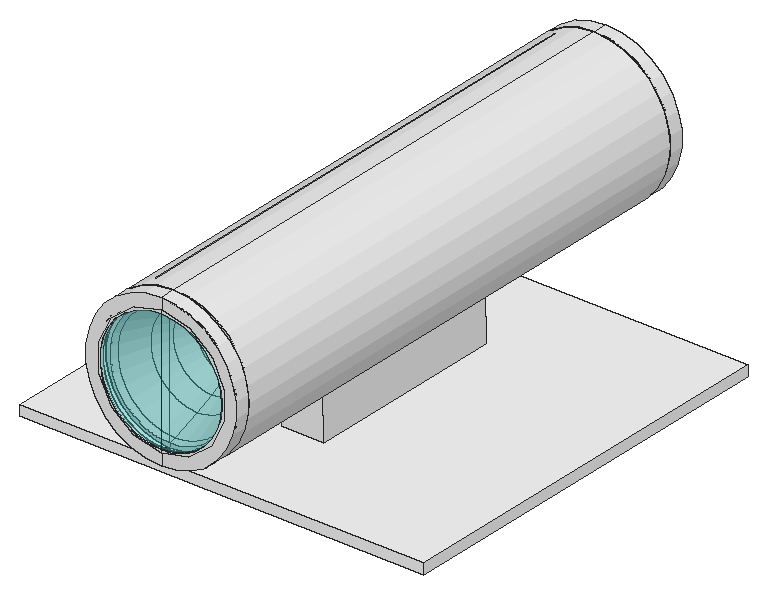
Revit family "BE_24009_de_DE", category Leuchten, Revit 2015
Parameters (values of type "BEGA_24009_Weiß_K4")
  built-in parameter 1150104 = 14.316 (stored number, unit not read)
  Wattage = 36.2 W
  Default Elevation = 0 mm
  built-in parameter 1150113 = 1 (stored number, unit not read)
  built-in parameter 1114218 = 1 (stored number, unit not read)
  Umgebungstemperatur = "25 °C"
  URL = "http://www.bega.de/produkt/24009"
  Typenkommentare = "© 2017 BEGA. Wir behalten uns das Recht vor, technische Änderungen ohne vorherige Ankündigung vorzunehmen."  # constant formula
  Type Image = 24009.png
  built-in parameter 1150134 = 12
  built-in parameter 1150109 = 1 (stored number, unit not read)
  Strom = ""
  built-in parameter 1150110 = 1 (stored number, unit not read)
  Spannung = 239.996 V
  Sonderanfertigung = no
  Seriennummer [instance] = "Hier können Sie die eindeutige Seriennummer für das Facility Management eintragen."
  Schutzklasse = "I"
  Schutzart = "IP 65"
  Scheinlast = 0 VA
  Produktdatenblatt = "http://www.bega.de/download/Xrfa/db/24009.db.de.pdf"
  Oberflächentemperatur = ""
  Neigungswinkel = 0.00°
  Modell = "24009WK4"
  Material_17 = BEGA_Reflektor
  Material_15 = BEGA_Leuchtmedium_matt
  Material_11 = BEGA_Glas_opal
  Material_09 = BEGA_Glas_klar
  Material_06 = BEGA_Oberfläche_Edelstahl_gebürstet
  Material_03 = BEGA_Oberfläche_Weiss_matt
  Material_02 = BEGA_Oberfläche_Silber_matt
  Material_01 [instance] = BEGA_Oberfläche_Grafit_matt
  M_W = yes
  M_G = no
  M_A = no
  Logo = 0
  built-in parameter 1114217 = 1 (stored number, unit not read)
  built-in parameter 1150139 = (empty or 0)
  built-in parameter 1150105 = 443.92 (stored number, unit not read)
  built-in parameter 1150114 = 1 (stored number, unit not read)
  Lumens = 5578.42 lm
  built-in parameter 1150115 = 1 (stored number, unit not read)
  Leuchtenlichtstrom = "3528 lm"
  Leuchtenanzahl = ""
  Lebensdauerkriterien = "L70B50 @ 25 °C = 127000 h"
  Lastklassifizierung = Beleuchtung
  built-in parameter 1150112 = 1 (stored number, unit not read)
  Lampenlichtstrom = "5580 lm"
  Lampe = "LED 36.2 W"
  LED_Modulbezeichnung = "2x LED-0814/840"
  built-in parameter 1150142 = (empty or 0)
  Hersteller = "BEGA"  # constant formula
  Halbstreuwinkel = ""
  Gewicht = "5.2 kg"
  Gebrauchslageneinschränkung [instance] = ""
  Frequenz = "0/50-60 Hz"
  Farbwiedergabeindex = "Ra > 80"
  Farbtemperaturverschiebung bei Dämpfen der Lampe = <Keine Auswahl>
  Farbtemperatur = "4000 K"
  Color Filter = 16777215
  built-in parameter 1150133 = 10 (stored number, unit not read)
  Energieeffizienzklasse = "LED A++ - A"
  built-in parameter 1150137 = (empty or 0)
  built-in parameter 1150132 = (empty or 0)
  ENEC = ""
  Dimmbar [instance] = "DALI"
  Datei für fotometrisches Netz = "BE_24009K4.IES"
  CE_Konformität = "ja"
  Bestellnummer = "24009WK4"
  Beschreibung_Sonderanfertigung = "Hier können Sie Informationen zur Sonderanfertigung eintragen."
  Beschreibung = "Wandleuchte"
  built-in parameter 1150106 = 4.4392 (stored number, unit not read)
  Befestigungsbohrung = "Ø 5,9 mm"
  Befestigungsabstand = "160 x 14 mm"
  Ballwurfsicher = ""
  BEGA_Intern_aus = yes
  BEGA_Intern_an = yes
  BEGA_Intern_Konstruktion = yes
  BEGA_Intern = yes
  BEGA_IES = yes
  BEGA_Dummy = no
  Anschlussleitung = ""
  Anschlussleistung [instance] = "40 W"
  Anschlusskasten = ""
  built-in parameter 1150107 = 4000 (stored number, unit not read)
  built-in parameter 1150102 = (empty or 0)
  built-in parameter 1150138 = (empty or 0)
  Aktualisierung = "2017-06-27T04:08:34"
  Abstand_zur_angestrahlten_Fläche [instance] = ""
  AC/DC = "AC/DC"
Types (6, lengths in mm): name | built-in parameter 1150104 | built-in parameter 1150134 | Modell | M_W | M_G | M_A | built-in parameter 1150105 | Lumens | Leuchtenlichtstrom | Lampenlichtstrom | LED_Modulbezeichnung | Farbtemperatur | Datei für fotometrisches Netz | Bestellnummer | built-in parameter 1150106 | built-in parameter 1150107
  BEGA_24009_Weiß_K3 | 13.397 (stored number, unit not read) | (empty or 0) | "24009W" | yes | no | no | 415.4 (stored number, unit not read) | 5220.04 lm | "3300 lm" | "5220 lm" | "2x LED-0814/830" | "3000 K" | "BE_24009.IES" | "24009W" | 4.154 (stored number, unit not read) | 3000 (stored number, unit not read)
  BEGA_24009_Grafit_K4 | 14.316 (stored number, unit not read) | 12 | "24009K4" | no | yes | no | 443.92 (stored number, unit not read) | 5578.42 lm | "3528 lm" | "5580 lm" | "2x LED-0814/840" | "4000 K" | "BE_24009K4.IES" | "24009K4" | 4.4392 (stored number, unit not read) | 4000 (stored number, unit not read)
  BEGA_24009_Silber_K4 | 14.316 (stored number, unit not read) | 12 | "24009AK4" | no | no | yes | 443.92 (stored number, unit not read) | 5578.42 lm | "3528 lm" | "5580 lm" | "2x LED-0814/840" | "4000 K" | "BE_24009K4.IES" | "24009AK4" | 4.4392 (stored number, unit not read) | 4000 (stored number, unit not read)
  BEGA_24009_Silber_K3 | 13.397 (stored number, unit not read) | (empty or 0) | "24009A" | no | no | yes | 415.4 (stored number, unit not read) | 5220.04 lm | "3300 lm" | "5220 lm" | "2x LED-0814/830" | "3000 K" | "BE_24009.IES" | "24009A" | 4.154 (stored number, unit not read) | 3000 (stored number, unit not read)
  BEGA_24009_Grafit_K3 | 13.397 (stored number, unit not read) | (empty or 0) | "24009" | no | yes | no | 415.4 (stored number, unit not read) | 5220.04 lm | "3300 lm" | "5220 lm" | "2x LED-0814/830" | "3000 K" | "BE_24009.IES" | "24009" | 4.154 (stored number, unit not read) | 3000 (stored number, unit not read)
  BEGA_24009_Weiß_K4 | 14.316 (stored number, unit not read) | 12 | "24009WK4" | yes | no | no | 443.92 (stored number, unit not read) | 5578.42 lm | "3528 lm" | "5580 lm" | "2x LED-0814/840" | "4000 K" | "BE_24009K4.IES" | "24009WK4" | 4.4392 (stored number, unit not read) | 4000 (stored number, unit not read)
Reference planes
  plane 1 "Mitte (Vorne/Hinten)": y = 0
  plane 2: z = 0
  plane 3 "Mitte (Links/Rechts)": x = 0
  plane 4 "Links": x = -75
  plane 5 "Rechts": x = 75
  plane 6 "Unten": y = -275
  plane 7 "Oben": y = 275
  plane 8 "Vorne": z = 198.501
  plane 9 "Hinten": z = 0
Forms (mm)
  Extrusion 1, solid, material "BEGA_Platte_Weiss"
    sketch origin (0, -1119.2, 0) x (1, 0, 0) y (0, 1, 0)
      loop
        line (-200, 1319.2) -> (-200, 919.2) -> (200, 919.2) -> (200, 1319.2) -> (-200, 1319.2)
    from 0 to -10
  Extrusion 2, solid, material "BEGA_Dummy_matt", visible <- "BEGA_Dummy"
    sketch origin (80.095, -76.023, 0) x (1, 0, 0) y (0, 1, 0)
      loop
        line (-155.095, 351.023) -> (-155.095, -198.977) -> (-5.095, -198.977) -> (-5.095, 351.023) -> (-155.095, 351.023)
    from 0 to 198.501
Dimensions and locks
  plane 1 "Mitte (Vorne/Hinten)" to Extrusion 1 = 200 mm
  aligned and locked: plane 2 to Extrusion 1
  aligned and locked: level to Extrusion 1
Nested families
  nested 1: "BE_24009_Wandleuchte" at (0, 0, 0), type "BE_24009_Wandleuchte"
    with Neigungswinkel_um_Y2 0.00°, Neigungswinkel_um_Y1 0.00°, Neigungswinkel_um_X2 0.00°, Neigungswinkel_um_X1 0.00°, Drehwinkel_um_Z2 0.00°, Drehwinkel_um_Z1 0.00°, BEGA_Neigng_Y2 0.00°, BEGA_Neigng_Y1 0.00°, BEGA_Neigng_X2 0.00°, BEGA_Neigng_X1 0.00°, BEGA_Infotext_Winkel no
Connectors
  electrical at (0, 0, 0), driven by "Lastklassifizierung", driven by "Spannung", driven by "Scheinlast"
    settings: index 1, voltage 239.996 V, apparent load 0 VA, apparent load phase1 0 VA, apparent load phase2 0 VA, apparent load phase3 0 VA, power factor 1, load classification "Beleuchtung", number of poles 1, system type 31, power factor state 1, is connector primary yes, connector utility no, sub classification motor no, connector description ""
Definition of nested family "BE_24009_Wandleuchte"
  Parameters (values of type "BE_24009_Wandleuchte")
    Material_03 = none
    Material_02 = none
    M_W = yes
    M_G = yes
    M_A = yes
    Default Elevation = 1 mm
    URL = "http://www.bega.de/de/produkt"
    Type Comments = "© 2015 BEGA. Wir behalten uns das Recht vor, technische Änderungen ohne vorherige Ankündigung vorzunehmen. "  # constant formula
    Type Image = Bega_Revit_Typenbild_78x78.png
    Neigungswinkel_um_Y2 [instance] = 0.00°
    Neigungswinkel_um_Y1 [instance] = 0.00°
    Neigungswinkel_um_X2 [instance] = 0.00°
    Neigungswinkel_um_X1 [instance] = 0.00°
    Material_17 = none
    Material_15 = none
    Material_09 = none
    Material_01 = none
    Länge_Platte = 200 mm  # constant formula
    Höhe_Platte = -10 mm  # constant formula
    Manufacturer = "BEGA"  # constant formula
    Drehwinkel_um_Z2 [instance] = 0.00°
    Drehwinkel_um_Z1 [instance] = 0.00°
    Breite_Platte = 200 mm  # constant formula
    BEGA_Neigng_Y2 [instance] = if(Neigungswinkel_um_Y2 < -30.00°, -30.00°, if(Neigungswinkel_um_Y2 > 30.00°, 30.00°, Neigungswinkel_um_Y2))  # 0.00°
    BEGA_Neigng_Y1 [instance] = if(Neigungswinkel_um_X2 < -30.00°, -30.00°, if(Neigungswinkel_um_X2 > 30.00°, 30.00°, Neigungswinkel_um_X2))  # 0.00°
    BEGA_Neigng_X2 [instance] = if(Neigungswinkel_um_Y1 < -30.00°, -30.00°, if(Neigungswinkel_um_Y1 > 30.00°, 30.00°, Neigungswinkel_um_Y1))  # 0.00°
    BEGA_Neigng_X1 [instance] = if(Neigungswinkel_um_X1 < -30.00°, -30.00°, if(Neigungswinkel_um_X1 > 30.00°, 30.00°, Neigungswinkel_um_X1))  # 0.00°
    BEGA_Infotext_Winkel [instance] = if(or(Neigungswinkel_um_X1 < -30.00°, Neigungswinkel_um_X1 > 30.00°, Neigungswinkel_um_X2 < -30.00°, Neigungswinkel_um_X2 > 30.00°, Neigungswinkel_um_Y1 < -30.00°, Neigungswinkel_um_Y1 > 30.00°, Neigungswinkel_um_Y2 < -30.00°, Neigungswinkel_um_Y2 > 30.00°), 1 < 2, 1 > 2)  # no
    Aktualisierung = "Stand: 25.03.2015"  # constant formula
  Reference planes
    plane 1 "Mitte (Vorne/Hinten)": y = 0
    plane 2: z = 0
    plane 3 "Mitte (Links/Rechts)": x = 0
    plane 4 "Befestigung Links": x = -75
    plane 5 "Befestigung Rechts": x = 75
    plane 6: z = 198.501
    plane 7: y = 275
    plane 8: y = -275
  Forms (mm)
    Extrusion 1, solid, detail levels medium
      sketch origin (0, 0, 0) x (1, 0, 0) y (0, 1, 0)
        loop
          line (-100, 100) -> (-100, -100) -> (100, -100) -> (100, 100) -> (-100, 100)
      from 0 to -10 <- "Höhe_Platte"
    Extrusion 2, solid, material <- "Material_01", visible <- "M_G", detail levels medium+fine
      sketch origin (0, 0, 0) x (1, 0, 0) y (0, 0, 1)
        loop
          line (20.847, 0) -> (20, 48.5) -> (17.678, 50.822)
          arc (17.678, 50.822) -> (16.556, 49.768) -> (15.372, 48.785) r 25
          arc (15.372, 48.785) -> (0.121, 43.5) -> (-15.18, 48.636) r 25
          arc (-15.18, 48.636) -> (-16.465, 49.688) -> (-17.678, 50.822) r 25
          line (-17.678, 50.822) -> (-20, 48.5) -> (-20.847, 0) -> (20.847, 0)
      from -100 to 100
    Extrusion 3, void
      sketch origin (0, 0, 0) x (1, 0, 0) y (0, 1, 0)
        loop
          line (-15.384, 71.433) -> (-15.384, -71.433) -> (15.384, -71.433) -> (15.384, 71.433) -> (-15.384, 71.433)
      from 0 to 11.465
    Extrusion 4, void
      sketch origin (0, 0, 0) x (0, 1, 0) y (0, 0, 1)
        loop
          line (87.516, 43) -> (-87.53, 43) -> (-86.5, 13.501) -> (86.501, 13.501) -> (87.516, 43)
      from -13.32 to 13.455
    Extrusion 5, void
      sketch origin (0, 0, 0) x (1, 0, 0) y (0, 1, 0)
        loop
          circle (7, -80) r 2.65
        loop
          circle (-7, 80) r 2.65
      from 0 to 13.5
    Extrusion 6, void
      sketch origin (0, 0, 0) x (1, 0, 0) y (0, 1, 0)
        loop
          circle (-7, 80) r 5.5
        loop
          circle (7, -80) r 5.5
      from 3.965 to 13.5
    Extrusion 7, void
      sketch origin (0, 0, 0) x (1, 0, 0) y (0, 1, 0)
        loop
          circle (0, 57.191) r 8.5
        loop
          circle (0, 24) r 8.5
      from 11.465 to 13.5
    Revolve 8, solid, material <- "Material_09", detail levels medium+fine
      sketch origin (0, 0, 0) x (0, 1, 0) y (0, 0, 1)
        loop
          line (275, 183.75) -> (271.6, 183.75)
          arc (271.6, 183.75) -> (270.893, 184.043) -> (270.6, 184.75) r 1
          line (270.6, 184.75) -> (270.6, 186.5) -> (265, 186.5) -> (265, 123.5) -> (275, 123.5) -> (275, 183.75)
        axis (265, 123.5) -> (275, 123.5)
      angle from 0 to 360
    Revolve 9, solid, material <- "Material_09", detail levels medium+fine
      sketch origin (0, 0, 0) x (0, -1, 0) y (0, 0, 1)
        loop
          line (275, 183.75) -> (271.6, 183.75)
          arc (271.6, 183.75) -> (270.893, 184.043) -> (270.6, 184.75) r 1
          line (270.6, 184.75) -> (270.6, 186.5) -> (265, 186.5) -> (265, 123.5) -> (275, 123.5) -> (275, 183.75)
        axis (265, 123.5) -> (275, 123.5)
      angle from 0 to 360
    Revolve 10, solid, material <- "Material_17", detail levels medium+fine
      sketch origin (0, 0, 0) x (0, 1, 0) y (0, 0, 1)
        loop
          line (265, 186) -> (264.049, 186) -> (264.049, 182.473) -> (260.255, 181.254) -> (256.361, 179.975) -> (252.273, 178.601)
          arc (252.273, 178.601) -> (242.585, 175.21) -> (232.984, 171.58) r 415.451
          arc (232.984, 171.58) -> (223.952, 167.893) -> (215.025, 163.957) r 352.808
          arc (215.025, 163.957) -> (207.113, 160.105) -> (199.394, 155.877) r 183.326
          arc (199.394, 155.877) -> (192.689, 151.678) -> (186.287, 147.03) r 115.244
          line (186.287, 147.03) -> (184.433, 145.509) -> (183.295, 132.5) -> (184.287, 132.5) -> (185.441, 145.689) -> (186.279, 146.38)
          arc (186.279, 146.38) -> (190.512, 149.635) -> (194.96, 152.59) r 77.455
          arc (194.96, 152.59) -> (203.676, 157.658) -> (212.638, 162.279) r 199.056
          arc (212.638, 162.279) -> (221.523, 166.362) -> (230.564, 170.089) r 245.73
          arc (230.564, 170.089) -> (244.47, 175.299) -> (258.504, 180.156) r 587.618
          arc (258.504, 180.156) -> (261.749, 181.212) -> (265, 182.25) r 642.587
          line (265, 182.25) -> (265, 186)
        axis (183.295, 123.5) -> (265, 123.5)
      angle from 0 to 360
    Revolve 11, solid, material <- "Material_17", detail levels medium+fine
      sketch origin (0, 0, 0) x (0, -1, 0) y (0, 0, 1)
        loop
          line (265, 186) -> (264.049, 186) -> (264.049, 182.473) -> (260.255, 181.254) -> (256.361, 179.975) -> (252.273, 178.601)
          arc (252.273, 178.601) -> (242.585, 175.21) -> (232.984, 171.58) r 415.451
          arc (232.984, 171.58) -> (223.952, 167.893) -> (215.025, 163.957) r 352.808
          arc (215.025, 163.957) -> (207.113, 160.105) -> (199.394, 155.877) r 183.326
          arc (199.394, 155.877) -> (192.689, 151.678) -> (186.287, 147.03) r 115.244
          line (186.287, 147.03) -> (184.433, 145.509) -> (183.295, 132.5) -> (184.287, 132.5) -> (185.441, 145.689) -> (186.279, 146.38)
          arc (186.279, 146.38) -> (190.512, 149.635) -> (194.96, 152.59) r 77.455
          arc (194.96, 152.59) -> (203.676, 157.658) -> (212.638, 162.279) r 199.056
          arc (212.638, 162.279) -> (221.523, 166.362) -> (230.564, 170.089) r 245.73
          arc (230.564, 170.089) -> (244.47, 175.299) -> (258.504, 180.156) r 587.618
          arc (258.504, 180.156) -> (261.749, 181.212) -> (265, 182.25) r 642.587
          line (265, 182.25) -> (265, 186)
        axis (183.295, 123.5) -> (265, 123.5)
      angle from 0 to 360
    Revolve 12, solid, material <- "Material_15", detail levels medium+fine
      sketch origin (0, 0, 0) x (0, 1, 0) y (0, 0, 1)
        loop
          line (184.287, 123.5) -> (184.287, 132.5) -> (183.295, 132.5) -> (183.295, 123.5) -> (184.287, 123.5)
        axis (183.295, 123.5) -> (184.295, 123.5)
      angle from 0 to 360
    Revolve 13, solid, material <- "Material_15", detail levels medium+fine
      sketch origin (0, 0, 0) x (0, -1, 0) y (0, 0, 1)
        loop
          line (184.287, 123.5) -> (184.287, 132.5) -> (183.295, 132.5) -> (183.295, 123.5) -> (184.287, 123.5)
        axis (183.295, 123.5) -> (184.295, 123.5)
      angle from 0 to 360
    Revolve 14, solid, material <- "Material_01", visible <- "M_G", detail levels medium+fine
      sketch origin (0, 0, 0) x (0, 1, 0) y (0, 0, 1)
        loop
          line (275, 198.256) -> (261, 198.5) -> (261, 196.8) -> (263, 196.765) -> (263, 194.922) -> (270, 194.8) -> (270, 188.535) -> (272, 188.5) -> (272, 184.262) -> (275, 184) -> (275, 186.8) -> (275, 198.256)
        axis (261, 123.5) -> (275, 123.5)
      angle from 0 to 360
    Revolve 15, solid, material <- "Material_01", visible <- "M_G", detail levels medium+fine
      sketch origin (0, 0, 0) x (0, -1, 0) y (0, 0, 1)
        loop
          line (275, 198.256) -> (261, 198.5) -> (261, 196.8) -> (263, 196.765) -> (263, 194.922) -> (270, 194.8) -> (270, 188.535) -> (272, 188.5) -> (272, 184.262) -> (275, 184) -> (275, 186.8) -> (275, 198.256)
        axis (261, 123.5) -> (275, 123.5)
      angle from 0 to 360
    Revolve 16, solid, material <- "Material_01", visible <- "M_G", detail levels medium+fine
      sketch origin (0, 0, 0) x (0, 1, 0) y (0, 0, 1)
        loop
          line (-259.5, 198.5) -> (-259.5, 196.25) -> (-263, 196.25) -> (-263, 194.5) -> (263, 194.5) -> (263, 196.25) -> (259.5, 196.25) -> (259.5, 198.5) -> (-259.5, 198.5)
        axis (-263, 123.5) -> (263, 123.5)
      angle from 0 to 360
    Extrusion 17, solid, material <- "Material_02", visible <- "M_A", detail levels medium+fine
      sketch origin (0, 0, 0) x (1, 0, 0) y (0, 0, 1)
        loop
          line (20.847, 0) -> (20, 48.5) -> (17.678, 50.822)
          arc (17.678, 50.822) -> (16.556, 49.768) -> (15.372, 48.785) r 25
          arc (15.372, 48.785) -> (0.121, 43.5) -> (-15.18, 48.636) r 25
          arc (-15.18, 48.636) -> (-16.465, 49.688) -> (-17.678, 50.822) r 25
          line (-17.678, 50.822) -> (-20, 48.5) -> (-20.847, 0) -> (20.847, 0)
      from -100 to 100
    Revolve 18, solid, material <- "Material_02", visible <- "M_A", detail levels medium+fine
      sketch origin (0, 0, 0) x (0, 1, 0) y (0, 0, 1)
        loop
          line (275, 198.256) -> (261, 198.5) -> (261, 196.8) -> (263, 196.765) -> (263, 194.922) -> (270, 194.8) -> (270, 188.535) -> (272, 188.5) -> (272, 184.262) -> (275, 184) -> (275, 186.8) -> (275, 198.256)
        axis (261, 123.5) -> (275, 123.5)
      angle from 0 to 360
    Revolve 19, solid, material <- "Material_02", visible <- "M_A", detail levels medium+fine
      sketch origin (0, 0, 0) x (0, -1, 0) y (0, 0, 1)
        loop
          line (275, 198.256) -> (261, 198.5) -> (261, 196.8) -> (263, 196.765) -> (263, 194.922) -> (270, 194.8) -> (270, 188.535) -> (272, 188.5) -> (272, 184.262) -> (275, 184) -> (275, 186.8) -> (275, 198.256)
        axis (261, 123.5) -> (275, 123.5)
      angle from 0 to 360
    Revolve 20, solid, material <- "Material_02", visible <- "M_A", detail levels medium+fine
      sketch origin (0, 0, 0) x (0, 1, 0) y (0, 0, 1)
        loop
          line (-259.5, 198.5) -> (-259.5, 196.25) -> (-263, 196.25) -> (-263, 194.5) -> (263, 194.5) -> (263, 196.25) -> (259.5, 196.25) -> (259.5, 198.5) -> (-259.5, 198.5)
        axis (-263, 123.5) -> (263, 123.5)
      angle from 0 to 360
    Extrusion 21, solid, material <- "Material_03", visible <- "M_W", detail levels medium+fine
      sketch origin (0, 0, 0) x (1, 0, 0) y (0, 0, 1)
        loop
          line (20.847, 0) -> (20, 48.5) -> (17.678, 50.822)
          arc (17.678, 50.822) -> (16.556, 49.768) -> (15.372, 48.785) r 25
          arc (15.372, 48.785) -> (0.121, 43.5) -> (-15.18, 48.636) r 25
          arc (-15.18, 48.636) -> (-16.465, 49.688) -> (-17.678, 50.822) r 25
          line (-17.678, 50.822) -> (-20, 48.5) -> (-20.847, 0) -> (20.847, 0)
      from -100 to 100
    Revolve 22, solid, material <- "Material_03", visible <- "M_W", detail levels medium+fine
      sketch origin (0, 0, 0) x (0, 1, 0) y (0, 0, 1)
        loop
          line (275, 198.256) -> (261, 198.5) -> (261, 196.8) -> (263, 196.765) -> (263, 194.922) -> (270, 194.8) -> (270, 188.535) -> (272, 188.5) -> (272, 184.262) -> (275, 184) -> (275, 186.8) -> (275, 198.256)
        axis (261, 123.5) -> (275, 123.5)
      angle from 0 to 360
    Revolve 23, solid, material <- "Material_03", visible <- "M_W", detail levels medium+fine
      sketch origin (0, 0, 0) x (0, -1, 0) y (0, 0, 1)
        loop
          line (275, 198.256) -> (261, 198.5) -> (261, 196.8) -> (263, 196.765) -> (263, 194.922) -> (270, 194.8) -> (270, 188.535) -> (272, 188.5) -> (272, 184.262) -> (275, 184) -> (275, 186.8) -> (275, 198.256)
        axis (261, 123.5) -> (275, 123.5)
      angle from 0 to 360
    Revolve 24, solid, material <- "Material_03", visible <- "M_W", detail levels medium+fine
      sketch origin (0, 0, 0) x (0, 1, 0) y (0, 0, 1)
        loop
          line (-259.5, 198.5) -> (-259.5, 196.25) -> (-263, 196.25) -> (-263, 194.5) -> (263, 194.5) -> (263, 196.25) -> (259.5, 196.25) -> (259.5, 198.5) -> (-259.5, 198.5)
        axis (-263, 123.5) -> (263, 123.5)
      angle from 0 to 360
  Cuts and joins
    Extrusion 3, Extrusion 4, Extrusion 5, Extrusion 6, Extrusion 7 cuts Extrusion 2
    joined: Revolve 14, Revolve 15
    joined: Revolve 10, Revolve 11
    joined: Revolve 8, Revolve 9
    joined: Revolve 12, Revolve 13
    Extrusion 3, Extrusion 5 cuts Extrusion 17
    Extrusion 3, Extrusion 5 cuts Extrusion 21
  Dimensions and locks
    equal spacing: Extrusion 1 sketch curve, plane 3 "Mitte (Links/Rechts)", Extrusion 1 sketch curve
    equal spacing: Extrusion 1 sketch curve, plane 1 "Mitte (Vorne/Hinten)", Extrusion 1 sketch curve
    "Länge_Platte": Extrusion 1 sketch curve to Extrusion 1 sketch curve
    "Breite_Platte": Extrusion 1 sketch curve to Extrusion 1 sketch curve
    plane 1 "Mitte (Vorne/Hinten)" to Extrusion 1 = 100 mm  (x3)
    aligned and locked: Extrusion 1 to plane 2
    aligned and locked: Extrusion 1 to level
  Automatic sketch dimensions
    Extrusion 2 sketch curve to Extrusion 2 sketch curve = 0 mm  (x7)
    Extrusion 2 sketch curve to level = 0 mm
    Extrusion 2 sketch curve to plane 3 "Mitte (Links/Rechts)" = 0 mm
    Extrusion 2 sketch curve to plane 3 "Mitte (Links/Rechts)" = 17.678 mm
    Extrusion 2 sketch curve to Extrusion 2 sketch curve = 2.322 mm  (x3)
    Extrusion 2 sketch curve to plane 3 "Mitte (Links/Rechts)" = 20.847 mm
    plane 3 "Mitte (Links/Rechts)" to Extrusion 2 sketch curve = 17.678 mm
    plane 3 "Mitte (Links/Rechts)" to Extrusion 2 sketch curve = 20.847 mm
    level to Extrusion 2 sketch curve = 48.5 mm
    Extrusion 2 sketch curve to Extrusion 2 sketch curve = 17.678 mm
    Extrusion 2 sketch curve to Extrusion 2 sketch curve = 2.498 mm
    Extrusion 2 sketch curve to Extrusion 2 sketch curve = 2.306 mm
    Extrusion 3 sketch curve to plane 3 "Mitte (Links/Rechts)" = 15.384 mm
    plane 3 "Mitte (Links/Rechts)" to Extrusion 3 sketch curve = 15.384 mm
    plane 1 "Mitte (Vorne/Hinten)" to Extrusion 3 sketch curve = 71.433 mm
    Extrusion 3 sketch curve to plane 1 "Mitte (Vorne/Hinten)" = 71.433 mm
    level to Extrusion 4 sketch curve = 13.501 mm
    Extrusion 4 sketch curve to Extrusion 4 sketch curve = 1.03 mm
    Extrusion 4 sketch curve to Extrusion 4 sketch curve = 1.014 mm
    Extrusion 4 sketch curve to Extrusion 4 sketch curve = 29.499 mm
    Extrusion 5 sketch curve to plane 3 "Mitte (Links/Rechts)" = 7 mm
    plane 3 "Mitte (Links/Rechts)" to Extrusion 5 sketch curve = 7 mm
    Extrusion 6 sketch curve to plane 3 "Mitte (Links/Rechts)" = 7 mm
    plane 3 "Mitte (Links/Rechts)" to Extrusion 6 sketch curve = 7 mm
    Extrusion 7 sketch curve to plane 3 "Mitte (Links/Rechts)" = 0 mm  (x2)
    Extrusion 7 sketch curve to plane 1 "Mitte (Vorne/Hinten)" = 24 mm
    Extrusion 7 sketch curve to Extrusion 7 sketch curve = 33.19 mm
    Revolve 8 sketch curve to Revolve 8 sketch curve = 5.6 mm
    Revolve 8 sketch curve to Revolve 8 sketch curve = 1 mm
    Revolve 8 sketch curve to Revolve 8 sketch curve = 10 mm
    Revolve 8 sketch curve to Revolve 8 sketch curve = 1.75 mm
    Revolve 8 sketch curve to Revolve 8 sketch curve = 12.5 mm
    Revolve 8 sketch curve to Revolve 8 sketch curve = 0 mm
    Revolve 9 sketch curve to Revolve 9 sketch curve = 5.6 mm
    Revolve 9 sketch curve to Revolve 9 sketch curve = 1 mm
    Revolve 9 sketch curve to Revolve 9 sketch curve = 10 mm
    Revolve 9 sketch curve to Revolve 9 sketch curve = 1.75 mm
    Revolve 9 sketch curve to Revolve 9 sketch curve = 12.5 mm
    Revolve 9 sketch curve to Revolve 9 sketch curve = 0 mm
    Revolve 10 sketch curve to Revolve 10 sketch curve = 0.992 mm
    Revolve 10 sketch curve to Revolve 10 sketch curve = 0.146 mm
    Revolve 10 sketch curve to Revolve 10 sketch curve = 1.008 mm
    Revolve 10 sketch curve to Revolve 10 sketch curve = 0.838 mm
    Revolve 10 sketch curve to Revolve 10 sketch curve = 0.008 mm
    Revolve 10 sketch curve to Revolve 10 sketch curve = 4.089 mm
    Revolve 10 sketch curve to Revolve 10 sketch curve = 21.588 mm
    Revolve 10 sketch curve to Revolve 10 sketch curve = 3.893 mm
    Revolve 10 sketch curve to Revolve 10 sketch curve = 3.794 mm
    Revolve 10 sketch curve to Revolve 10 sketch curve = 0.951 mm
    Revolve 10 sketch curve to level = 2.75 mm
    Revolve 10 sketch curve to Revolve 10 sketch curve = 34.129 mm
    Revolve 10 sketch curve to Revolve 10 sketch curve = 8.05 mm
    Revolve 10 sketch curve to Revolve 10 sketch curve = 20.331 mm
    Revolve 10 sketch curve to Revolve 10 sketch curve = 42.129 mm
    Revolve 10 sketch curve to Revolve 10 sketch curve = 22.873 mm
    Revolve 10 sketch curve to Revolve 10 sketch curve = 58.981 mm
    Revolve 10 sketch curve to Revolve 10 sketch curve = 15.209 mm
    Revolve 10 sketch curve to Revolve 10 sketch curve = 58.318 mm
    Revolve 10 sketch curve to Revolve 10 sketch curve = 162.342 mm
    Revolve 10 sketch curve to Revolve 10 sketch curve = 52.866 mm
    Revolve 10 sketch curve to Revolve 10 sketch curve = 14.15 mm
    level to Revolve 10 sketch curve = 56.159 mm
    Revolve 10 sketch curve to Revolve 10 sketch curve = 30.48 mm
    Revolve 10 sketch curve to Revolve 10 sketch curve = 39.08 mm
    Revolve 10 sketch curve to Revolve 10 sketch curve = 13.009 mm
    Revolve 10 sketch curve to Revolve 10 sketch curve = 0.18 mm
    Revolve 10 sketch curve to Revolve 10 sketch curve = 0.691 mm
    Revolve 10 sketch curve to Revolve 10 sketch curve = 0.649 mm
    Revolve 10 sketch curve to Revolve 10 sketch curve = 0.996 mm
    Revolve 10 sketch curve to Revolve 10 sketch curve = 0.223 mm
    Revolve 10 sketch curve to Revolve 10 sketch curve = 3.527 mm
    Revolve 10 sketch curve to Revolve 10 sketch curve = 0 mm  (x5)
    Revolve 10 sketch curve to Revolve 10 sketch curve = 16.923 mm
    Revolve 11 sketch curve to Revolve 11 sketch curve = 0.992 mm
    Revolve 11 sketch curve to Revolve 11 sketch curve = 0.146 mm
    Revolve 11 sketch curve to Revolve 11 sketch curve = 1.008 mm
    Revolve 11 sketch curve to Revolve 11 sketch curve = 0.838 mm
    Revolve 11 sketch curve to Revolve 11 sketch curve = 0.008 mm
    Revolve 11 sketch curve to Revolve 11 sketch curve = 4.089 mm
    Revolve 11 sketch curve to Revolve 11 sketch curve = 21.588 mm
    Revolve 11 sketch curve to Revolve 11 sketch curve = 3.893 mm
    Revolve 11 sketch curve to Revolve 11 sketch curve = 3.794 mm
    Revolve 11 sketch curve to Revolve 11 sketch curve = 0.951 mm
    level to Revolve 11 sketch curve = 2.75 mm
    Revolve 11 sketch curve to Revolve 11 sketch curve = 34.129 mm
    Revolve 11 sketch curve to Revolve 11 sketch curve = 8.05 mm
    Revolve 11 sketch curve to Revolve 11 sketch curve = 20.331 mm
    Revolve 11 sketch curve to Revolve 11 sketch curve = 42.129 mm
    Revolve 11 sketch curve to Revolve 11 sketch curve = 22.873 mm
    Revolve 11 sketch curve to Revolve 11 sketch curve = 58.981 mm
    Revolve 11 sketch curve to Revolve 11 sketch curve = 15.209 mm
    Revolve 11 sketch curve to Revolve 11 sketch curve = 58.318 mm
    Revolve 11 sketch curve to Revolve 11 sketch curve = 162.342 mm
    Revolve 11 sketch curve to Revolve 11 sketch curve = 52.866 mm
    Revolve 11 sketch curve to Revolve 11 sketch curve = 14.15 mm
    Revolve 11 sketch curve to level = 56.159 mm
    Revolve 11 sketch curve to Revolve 11 sketch curve = 30.48 mm
    Revolve 11 sketch curve to Revolve 11 sketch curve = 39.08 mm
    Revolve 11 sketch curve to Revolve 11 sketch curve = 13.009 mm
    Revolve 11 sketch curve to Revolve 11 sketch curve = 0.18 mm
    Revolve 11 sketch curve to Revolve 11 sketch curve = 0.691 mm
    Revolve 11 sketch curve to Revolve 11 sketch curve = 0.649 mm
    Revolve 11 sketch curve to Revolve 11 sketch curve = 0.996 mm
    Revolve 11 sketch curve to Revolve 11 sketch curve = 0.223 mm
    Revolve 11 sketch curve to Revolve 11 sketch curve = 3.527 mm
    Revolve 11 sketch curve to Revolve 11 sketch curve = 0 mm  (x5)
    Revolve 11 sketch curve to Revolve 11 sketch curve = 16.923 mm
    Revolve 12 sketch curve to Revolve 12 sketch curve = 0.992 mm
    Revolve 12 sketch curve to Revolve 12 sketch curve = 0 mm
    Revolve 12 sketch curve to Revolve 12 sketch curve = 9 mm
    Revolve 13 sketch curve to Revolve 13 sketch curve = 0.992 mm
    Revolve 13 sketch curve to Revolve 13 sketch curve = 9 mm
    Revolve 14 sketch curve to Revolve 14 sketch curve = 2 mm  (x2)
    Revolve 14 sketch curve to Revolve 14 sketch curve = 7 mm
    Revolve 14 sketch curve to Revolve 14 sketch curve = 3 mm
    Revolve 14 sketch curve to Revolve 14 sketch curve = 0.262 mm
    Revolve 14 sketch curve to Revolve 14 sketch curve = 2.8 mm
    Revolve 14 sketch curve to Revolve 14 sketch curve = 0.035 mm  (x2)
    Revolve 14 sketch curve to Revolve 14 sketch curve = 1.843 mm
    Revolve 15 sketch curve to Revolve 15 sketch curve = 2 mm  (x2)
    Revolve 15 sketch curve to Revolve 15 sketch curve = 7 mm
    Revolve 15 sketch curve to Revolve 15 sketch curve = 3 mm
    Revolve 15 sketch curve to Revolve 15 sketch curve = 0.262 mm
    Revolve 15 sketch curve to Revolve 15 sketch curve = 2.8 mm
    Revolve 15 sketch curve to Revolve 15 sketch curve = 0.035 mm  (x2)
    Revolve 15 sketch curve to Revolve 15 sketch curve = 1.843 mm
    Revolve 15 sketch curve to Revolve 15 sketch curve = 60.762 mm
    Revolve 16 sketch curve to Revolve 16 sketch curve = 519 mm
    Revolve 16 sketch curve to Revolve 16 sketch curve = 2.25 mm
    Revolve 16 sketch curve to Revolve 16 sketch curve = 3.5 mm  (x2)
    level to Revolve 8 sketch curve = 123.5 mm
    Revolve 8 sketch curve to Revolve 8 sketch curve = 60.25 mm
    Revolve 9 sketch curve to level = 123.5 mm
    Revolve 9 sketch curve to Revolve 9 sketch curve = 60.25 mm
    Revolve 10 sketch curve to Revolve 10 sketch curve = 45.86 mm
    Revolve 10 sketch curve to Revolve 10 sketch curve = 1.375 mm
    Revolve 10 sketch curve to Revolve 10 sketch curve = 1.278 mm
    Revolve 11 sketch curve to Revolve 11 sketch curve = 45.86 mm
    Revolve 11 sketch curve to Revolve 11 sketch curve = 1.375 mm
    Revolve 11 sketch curve to Revolve 11 sketch curve = 1.278 mm
    Revolve 11 sketch curve to level = 123.5 mm
    Revolve 13 sketch curve to level = 123.5 mm  (x2)
    Revolve 14 sketch curve to Revolve 14 sketch curve = 60.5 mm
    Revolve 14 sketch curve to Revolve 14 sketch curve = 1.7 mm  (x2)
    Revolve 14 sketch curve to Revolve 14 sketch curve = 6.265 mm
    Revolve 14 sketch curve to Revolve 14 sketch curve = 0.122 mm
    Revolve 14 sketch curve to Revolve 14 sketch curve = 3.456 mm
    Revolve 15 sketch curve to level = 184 mm
    Revolve 15 sketch curve to Revolve 15 sketch curve = 1.7 mm  (x2)
    Revolve 15 sketch curve to Revolve 15 sketch curve = 6.265 mm
    Revolve 15 sketch curve to Revolve 15 sketch curve = 0.122 mm
    Revolve 15 sketch curve to Revolve 15 sketch curve = 3.456 mm
    Revolve 16 sketch curve to Revolve 16 sketch curve = 71 mm
    Revolve 16 sketch curve to Revolve 16 sketch curve = 1.75 mm  (x2)
    Revolve 10 sketch curve to Revolve 10 sketch curve = 42.013 mm
    Revolve 10 sketch curve to Revolve 10 sketch curve = 97.956 mm
    Revolve 11 sketch curve to Revolve 11 sketch curve = 42.013 mm
    Revolve 11 sketch curve to Revolve 11 sketch curve = 97.956 mm
    Revolve 10 sketch curve to Revolve 10 sketch curve = 51.29 mm
    level to Revolve 10 sketch curve = 178.601 mm
    Revolve 12 sketch curve to Revolve 12 sketch curve = 68.213 mm
    Revolve 14 sketch curve to Revolve 14 sketch curve = 19.5 mm
    Revolve 16 sketch curve to Revolve 16 sketch curve = 10.5 mm  (x2)
    Extrusion 4 sketch curve to plane 1 "Mitte (Vorne/Hinten)" = 86.501 mm
    Extrusion 5 sketch curve to plane 1 "Mitte (Vorne/Hinten)" = 80 mm
    Extrusion 6 sketch curve to plane 1 "Mitte (Vorne/Hinten)" = 80 mm
    Revolve 8 sketch curve to plane 1 "Mitte (Vorne/Hinten)" = 265 mm
    plane 1 "Mitte (Vorne/Hinten)" to Revolve 9 sketch curve = 252.5 mm
    Revolve 10 sketch curve to plane 1 "Mitte (Vorne/Hinten)" = 183.295 mm
    plane 1 "Mitte (Vorne/Hinten)" to Revolve 11 sketch curve = 252.5 mm
    Revolve 12 sketch curve to plane 1 "Mitte (Vorne/Hinten)" = 183.295 mm
    plane 1 "Mitte (Vorne/Hinten)" to Revolve 13 sketch curve = 252.5 mm
    Revolve 14 sketch curve to plane 1 "Mitte (Vorne/Hinten)" = 261 mm
    plane 1 "Mitte (Vorne/Hinten)" to Revolve 15 sketch curve = 252.5 mm
    Revolve 11 sketch curve to Revolve 11 sketch curve = 51.29 mm
    Revolve 11 sketch curve to level = 178.601 mm
    Revolve 13 sketch curve to Revolve 13 sketch curve = 68.213 mm
    Revolve 15 sketch curve to Revolve 15 sketch curve = 19.5 mm
    plane 1 "Mitte (Vorne/Hinten)" to Extrusion 4 sketch curve = 86.5 mm
    plane 1 "Mitte (Vorne/Hinten)" to Extrusion 5 sketch curve = 80 mm
    plane 1 "Mitte (Vorne/Hinten)" to Extrusion 6 sketch curve = 80 mm
    plane 1 "Mitte (Vorne/Hinten)" to Revolve 8 sketch curve = 252.5 mm
    Revolve 9 sketch curve to plane 1 "Mitte (Vorne/Hinten)" = 265 mm
    plane 1 "Mitte (Vorne/Hinten)" to Revolve 10 sketch curve = 252.5 mm
    Revolve 11 sketch curve to plane 1 "Mitte (Vorne/Hinten)" = 183.295 mm
    plane 1 "Mitte (Vorne/Hinten)" to Revolve 12 sketch curve = 252.5 mm
    Revolve 13 sketch curve to plane 1 "Mitte (Vorne/Hinten)" = 183.295 mm
    plane 1 "Mitte (Vorne/Hinten)" to Revolve 14 sketch curve = 252.5 mm
    Revolve 15 sketch curve to plane 1 "Mitte (Vorne/Hinten)" = 261 mm
    plane 1 "Mitte (Vorne/Hinten)" to Revolve 16 sketch curve = 263 mm
    Revolve 10 sketch curve to plane 6 = 75.001 mm
    Revolve 12 sketch curve to plane 6 = 75.001 mm
    Revolve 14 sketch curve to plane 6 = 14.501 mm
    Revolve 16 sketch curve to plane 6 = 4.001 mm
    Extrusion 17 sketch curve to Extrusion 17 sketch curve = 0 mm  (x7)
    Extrusion 17 sketch curve to level = 0 mm
    Extrusion 17 sketch curve to plane 3 "Mitte (Links/Rechts)" = 0 mm
    Extrusion 17 sketch curve to plane 3 "Mitte (Links/Rechts)" = 17.678 mm
    Extrusion 17 sketch curve to Extrusion 17 sketch curve = 2.322 mm  (x3)
    Extrusion 17 sketch curve to plane 3 "Mitte (Links/Rechts)" = 20.847 mm
    plane 3 "Mitte (Links/Rechts)" to Extrusion 17 sketch curve = 17.678 mm
    plane 3 "Mitte (Links/Rechts)" to Extrusion 17 sketch curve = 20.847 mm
    level to Extrusion 17 sketch curve = 48.5 mm
    Extrusion 17 sketch curve to Extrusion 17 sketch curve = 17.678 mm
    Extrusion 17 sketch curve to Extrusion 17 sketch curve = 2.498 mm
    Extrusion 17 sketch curve to Extrusion 17 sketch curve = 2.306 mm
    Revolve 18 sketch curve to plane 7 = 0 mm
    Revolve 18 sketch curve to plane 7 = 3 mm
    Revolve 18 sketch curve to Revolve 18 sketch curve = 2 mm  (x2)
    Revolve 18 sketch curve to plane 6 = 3.579 mm
    Revolve 18 sketch curve to Revolve 18 sketch curve = 7 mm
    Revolve 18 sketch curve to plane 6 = 0.001 mm
    Revolve 18 sketch curve to plane 6 = 3.701 mm
    Revolve 18 sketch curve to Revolve 18 sketch curve = 6.265 mm
    Revolve 18 sketch curve to Revolve 18 sketch curve = 0.035 mm
    Revolve 18 sketch curve to Revolve 18 sketch curve = 1.7 mm  (x2)
    Revolve 18 sketch curve to Revolve 18 sketch curve = 2.538 mm
    Revolve 18 sketch curve to Revolve 18 sketch curve = 2.8 mm
    Revolve 18 sketch curve to plane 6 = 1.736 mm
    Revolve 18 sketch curve to plane 6 = 0.246 mm
    Revolve 18 sketch curve to plane 7 = 22.5 mm
    plane 8 to Revolve 18 sketch curve = 22.5 mm
    Revolve 18 sketch curve to Revolve 18 sketch curve = 60.762 mm
    plane 6 to Revolve 19 sketch curve = 1.701 mm
    Revolve 19 sketch curve to plane 8 = 14 mm
    plane 6 to Revolve 19 sketch curve = 1.736 mm
    Revolve 19 sketch curve to Revolve 19 sketch curve = 2 mm  (x2)
    Revolve 19 sketch curve to plane 8 = 5 mm
    plane 8 to Revolve 19 sketch curve = 0 mm
    Revolve 19 sketch curve to Revolve 19 sketch curve = 1.843 mm
    plane 6 to Revolve 19 sketch curve = 3.701 mm
    Revolve 19 sketch curve to Revolve 19 sketch curve = 6.265 mm
    Revolve 19 sketch curve to Revolve 19 sketch curve = 0.035 mm
    Revolve 19 sketch curve to Revolve 19 sketch curve = 1.7 mm
    Revolve 19 sketch curve to Revolve 19 sketch curve = 2.538 mm
    Revolve 19 sketch curve to Revolve 19 sketch curve = 2.8 mm
    plane 6 to Revolve 19 sketch curve = 0.246 mm
    plane 6 to Revolve 19 sketch curve = 0.001 mm
    Revolve 19 sketch curve to plane 8 = 22.5 mm
    plane 7 to Revolve 19 sketch curve = 22.5 mm
    Revolve 19 sketch curve to Revolve 19 sketch curve = 60.762 mm
    Revolve 20 sketch curve to plane 6 = 2.251 mm
    plane 8 to Revolve 20 sketch curve = 12 mm
    Revolve 20 sketch curve to Revolve 20 sketch curve = 3.5 mm  (x2)
    Revolve 20 sketch curve to plane 6 = 0.001 mm
    Revolve 20 sketch curve to plane 7 = 15.5 mm
    Revolve 20 sketch curve to Revolve 20 sketch curve = 2.25 mm
    Revolve 20 sketch curve to Revolve 20 sketch curve = 1.75 mm
    plane 8 to Revolve 20 sketch curve = 22.5 mm
    Revolve 20 sketch curve to plane 7 = 22.5 mm
    Revolve 20 sketch curve to Revolve 20 sketch curve = 71 mm
    Extrusion 21 sketch curve to Extrusion 21 sketch curve = 0 mm  (x7)
    Extrusion 21 sketch curve to level = 0 mm
    Extrusion 21 sketch curve to plane 3 "Mitte (Links/Rechts)" = 0 mm
    Extrusion 21 sketch curve to plane 3 "Mitte (Links/Rechts)" = 17.678 mm
    Extrusion 21 sketch curve to Extrusion 21 sketch curve = 2.322 mm  (x3)
    Extrusion 21 sketch curve to plane 3 "Mitte (Links/Rechts)" = 20.847 mm
    plane 3 "Mitte (Links/Rechts)" to Extrusion 21 sketch curve = 17.678 mm
    plane 3 "Mitte (Links/Rechts)" to Extrusion 21 sketch curve = 20.847 mm
    level to Extrusion 21 sketch curve = 48.5 mm
    Extrusion 21 sketch curve to Extrusion 21 sketch curve = 17.678 mm
    Extrusion 21 sketch curve to Extrusion 21 sketch curve = 2.498 mm
    Extrusion 21 sketch curve to Extrusion 21 sketch curve = 2.306 mm
    Revolve 22 sketch curve to plane 7 = 0 mm
    Revolve 22 sketch curve to plane 7 = 3 mm
    Revolve 22 sketch curve to Revolve 22 sketch curve = 2 mm  (x2)
    Revolve 22 sketch curve to plane 6 = 3.579 mm
    Revolve 22 sketch curve to Revolve 22 sketch curve = 7 mm
    Revolve 22 sketch curve to plane 6 = 0.001 mm
    Revolve 22 sketch curve to plane 6 = 3.701 mm
    Revolve 22 sketch curve to Revolve 22 sketch curve = 6.265 mm
    Revolve 22 sketch curve to Revolve 22 sketch curve = 0.035 mm
    Revolve 22 sketch curve to Revolve 22 sketch curve = 1.7 mm  (x2)
    Revolve 22 sketch curve to Revolve 22 sketch curve = 2.538 mm
    Revolve 22 sketch curve to Revolve 22 sketch curve = 2.8 mm
    Revolve 22 sketch curve to plane 6 = 1.736 mm
    Revolve 22 sketch curve to plane 6 = 0.246 mm
    Revolve 22 sketch curve to plane 7 = 22.5 mm
    plane 8 to Revolve 22 sketch curve = 22.5 mm
    Revolve 22 sketch curve to Revolve 22 sketch curve = 60.762 mm
    plane 6 to Revolve 23 sketch curve = 1.701 mm
    Revolve 23 sketch curve to plane 8 = 14 mm
    plane 6 to Revolve 23 sketch curve = 1.736 mm
    Revolve 23 sketch curve to Revolve 23 sketch curve = 2 mm  (x2)
    Revolve 23 sketch curve to plane 8 = 5 mm
    plane 8 to Revolve 23 sketch curve = 0 mm
    Revolve 23 sketch curve to Revolve 23 sketch curve = 1.843 mm
    plane 6 to Revolve 23 sketch curve = 3.701 mm
    Revolve 23 sketch curve to Revolve 23 sketch curve = 6.265 mm
    Revolve 23 sketch curve to Revolve 23 sketch curve = 0.035 mm
    Revolve 23 sketch curve to Revolve 23 sketch curve = 1.7 mm
    Revolve 23 sketch curve to Revolve 23 sketch curve = 2.538 mm
    Revolve 23 sketch curve to Revolve 23 sketch curve = 2.8 mm
    plane 6 to Revolve 23 sketch curve = 0.246 mm
    plane 6 to Revolve 23 sketch curve = 0.001 mm
    Revolve 23 sketch curve to plane 8 = 22.5 mm
    plane 7 to Revolve 23 sketch curve = 22.5 mm
    Revolve 23 sketch curve to Revolve 23 sketch curve = 60.762 mm
    Revolve 24 sketch curve to plane 6 = 2.251 mm
    plane 8 to Revolve 24 sketch curve = 12 mm
    Revolve 24 sketch curve to Revolve 24 sketch curve = 3.5 mm  (x2)
    Revolve 24 sketch curve to plane 6 = 0.001 mm
    Revolve 24 sketch curve to plane 7 = 15.5 mm
    Revolve 24 sketch curve to Revolve 24 sketch curve = 2.25 mm
    Revolve 24 sketch curve to Revolve 24 sketch curve = 1.75 mm
    plane 8 to Revolve 24 sketch curve = 22.5 mm
    Revolve 24 sketch curve to plane 7 = 22.5 mm
    Revolve 24 sketch curve to Revolve 24 sketch curve = 71 mm
    radius of Extrusion 5 sketch curve = 2.65 mm  (x2)
    radius of Extrusion 6 sketch curve = 5.5 mm  (x2)
    radius of Extrusion 7 sketch curve = 8.5 mm  (x2)
